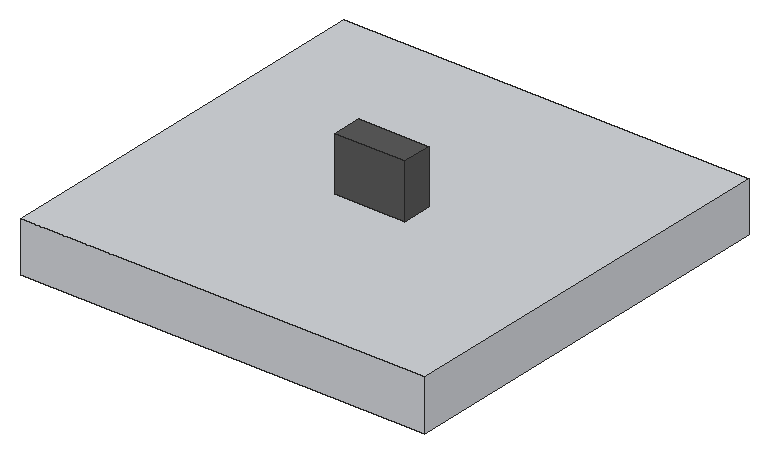
Revit family "2020.08.13", category Устройства связи, Revit 2018
Family settings
  Основа = Грань
  Сохранять ориентацию аннотаций = Да
  Размер круглого соединителя = Использовать диаметр
  Тип детали = Нормальный
  При загрузке вырезать с полостями = Нет
  Общий = Нет
  Точка расчета площади = Нет
Parameters (values of type "MINI TOWER")
  Указания по монтажу = "Для настольного размещения. Специальные монтажные аксессуары не требуются."
  Модель = ""
  Изображение типоразмера = Mini Tower.png
  Right = videomax_minitower : Right
  Mini_300 [instance] = and(MINI TOWER, LOD 300)  # yes
  Midi_300 [instance] = and(MIDI TOWER, LOD 300)  # no
  Material = Черный
  MINI TOWER = yes
  MIDI TOWER = no
  Left = videomax_minitower : Left
  LOD 500 [instance] = yes
  LOD 300 [instance] = yes
  Itx_300 [instance] = and(ITX, LOD 300)  # no
  ITX = no
  Стоимость = 0
  Default Elevation = 2600 mm
  Максимальное тепловыделение, BTU/h = Максимальная потребляемая мощность Вт * 3.412  # 0
  Максимальное количество подключаемых мониторов, шт = 1
  Максимальная потребляемая мощность Вт = 0
  Максимальная мощность БП, Вт = 0
  Количество интерфейсов Gigabit LAN, шт = 1
  Количество интерфейсов 10 Gigabit LAN, шт = 0
  Количество входов 230V, шт = 1
  Изготовитель = "ООО «Видеомакс»"  # constant formula
  Ширина = 180 mm
  Глубина = 425 mm
  Высота = 325 mm
  URL = "https://www.videomax-server.ru/"
  Front = videomax_minitower : Front
  Back = videomax_minitower : Back
  ADSK_Этаж [instance] = ""
  ADSK_Ток = 0 A
  ADSK_Примечание [instance] = ""
  ADSK_Позиция [instance] = ""
  ADSK_Обозначение = "MINI TOWER"
  ADSK_Номинальная мощность = 0 VA
  ADSK_Напряжение = 230 V
  ADSK_Наименование = "УРМ настольного исполнения MINI TOWER"
  ADSK_Масса = 0
  ADSK_Марка = "VIDEOMAX-URM"  # constant formula
  ADSK_Коэффициент мощности = 0.96
  ADSK_Количество = 1  # constant formula
  ADSK_Код изделия = "ТУ 26.20.15-003-37165186-2020"  # constant formula
  ADSK_Классификация нагрузок = none
  ADSK_Завод-изготовитель = "ООО «Видеомакс»"  # constant formula
  ADSK_Единица измерения = "шт."  # constant formula
  ADSK_Версия семейства = "v2"  # constant formula
  ADSK_Версия Revit = "2018"  # constant formula
Reference planes
  plane 1 "По центру (Вперед/Назад)": y = 0
  plane 2: z = 0
  plane 3 "По центру (Влево/Вправо)": x = 0.038
  plane 4: z = -1000
  plane 5: z = 0
  plane 6: y = 90
  plane 7: x = -212.462
  plane 8: y = -90
  plane 9: x = 212.538
Forms (mm)
  Extrusion 1, solid
    sketch origin (-0.8, 20.8, 0) x (1, 0, 0) y (0, 1, 0)
      loop
        line (-1219.2, 1219.2) -> (-1219.2, -1219.2) -> (1219.2, -1219.2) -> (1219.2, 1219.2) -> (-1219.2, 1219.2)
    from 0 to -304.8
  Extrusion 2, solid, material "Черный" <- "Material", detail levels medium+fine
    sketch origin (3.156, -115.112, 0) x (0, -1, 0) y (1, 0, 0)
      loop
        line (-205.112, -215.618) -> (-25.112, -215.618) -> (-25.112, 209.382) -> (-205.112, 209.382) -> (-205.112, -215.618)
    from 0 to 325
Lines and regions (mm)
  reference lines
    curve 1: line (-157.548, 133.557, 34.666) -> (-157.324, 133.557, 34.666)
  model lines, style "CommunicationDevices", detail levels coarse
    curve 2: line (-212.462, 90, 0) -> (212.538, 90, 0)
    curve 3: line (212.538, 90, 0) -> (212.538, -90, 0)
    curve 4: line (212.538, -90, 0) -> (-212.462, -90, 0)
    curve 5: line (-212.462, -90, 0) -> (-212.462, 90, 0)
  model lines, style "InvisibleLines", visible <- "MIDI TOWER", detail levels coarse
    curve 6: line (212.538, 90, 0) -> (212.538, 38.452, 0)
    curve 7: line (23.136, 90, 0) -> (23.136, -90, 0)
  model lines, style "InvisibleLines", visible <- "ITX", detail levels coarse
    curve 8: line (23.136, 79.952, 0) -> (23.136, -100.048, 0)
Dimensions and locks
  "Высота": Extrusion 2 to Extrusion 1
  "Ширина": plane 6 to plane 8
  equal spacing: plane 7, plane 3 "По центру (Влево/Вправо)", plane 9
  "Глубина": plane 7 to plane 9
  equal spacing: plane 8, plane 1 "По центру (Вперед/Назад)", plane 6
  aligned and locked: plane 2 to Extrusion 1
  aligned and locked: level to Extrusion 1
  aligned and locked: plane 6 to Extrusion 2
  aligned and locked: plane 8 to Extrusion 2
  aligned and locked: plane 9 to Extrusion 2
  aligned and locked: plane 1 "По центру (Вперед/Назад)" to nested 1
  aligned and locked: nested 2 to plane 1 "По центру (Вперед/Назад)"
  aligned and locked: nested 4 to plane 3 "По центру (Влево/Вправо)"
  aligned and locked: plane 3 "По центру (Влево/Вправо)" to nested 3
Automatic sketch dimensions
  Extrusion 1 sketch curve to Extrusion 1 sketch curve = 2438.4 mm  (x2)
  plane 7 to curve 1 = 54.914 mm
  curve 1 to plane 6 = 43.557 mm
  curve 1 to curve 1 = 0.225 mm
  plane 6 to Extrusion 2 sketch curve = 0 mm
  Extrusion 2 sketch curve to plane 8 = 0 mm
  Extrusion 2 sketch curve to plane 7 = 0 mm
  Extrusion 2 sketch curve to plane 9 = 0 mm
  curve 2 to curve 2 = 425 mm
  curve 4 to curve 5 = 180 mm
  curve 7 to curve 2 = 189.402 mm
  curve 6 to curve 2 = 51.548 mm
  curve 2 to plane 6 = 0 mm
  curve 4 to plane 7 = 0 mm
  curve 3 to plane 9 = 0 mm
  curve 4 to plane 8 = 0 mm
  curve 7 to plane 3 "По центру (Влево/Вправо)" = 23.098 mm
  curve 6 to plane 1 "По центру (Вперед/Назад)" = 38.452 mm
  curve 8 to curve 7 = 0 mm
  plane 6 to curve 8 = 10.048 mm
  curve 8 to curve 7 = 10.048 mm
Nested families
  nested 1: "videomax_minitower" at (-212.462, 0, 0) x (0, -1, 0) z (-1, 0, 0), LOD500 <- "LOD 500", a setting <- "Front", type "Front"
    with Right_500 no, Left_500 no, LOD500 yes, Front_500 yes, Back_500 no
  nested 2: "videomax_minitower" at (212.538, 0, 0) x (0, 1, 0) z (1, 0, 0), LOD500 <- "LOD 500", a setting <- "Back", type "Back"
    with Right_500 no, Left_500 no, LOD500 yes, Front_500 no, Back_500 yes
  nested 3: "videomax_minitower" at (0.038, 90, 0) x (-1, 0, 0) z (0, 1, 0), LOD500 <- "LOD 500", a setting <- "Left", type "Left"
    with Right_500 no, Left_500 yes, LOD500 yes, Front_500 no, Back_500 no
  nested 4: "videomax_minitower" at (0.038, -90, 0) x (1, 0, 0) z (0, -1, 0), LOD500 <- "LOD 500", a setting <- "Right", type ""
    with Right_500 yes, Left_500 no, LOD500 yes, Front_500 no, Back_500 no
Connectors
  electrical at (23.015, -10.332, 0), driven by "ADSK_Напряжение", driven by "ADSK_Коэффициент мощности"
    settings: on Extrusion 1, index 1, voltage 230 V, apparent load 0 VA, apparent load phase1 0 VA, apparent load phase2 0 VA, apparent load phase3 0 VA, power factor 0.96, load classification "Прочее", number of poles 1, system type 30, power factor state 0, is connector primary yes, connector utility yes, sub classification motor no, connector description ""
Definition of nested family "videomax_minitower"
  Parameters (values of type "Right")
    Default Elevation = 1219.2 mm
    Right_500 [instance] = and(Right, LOD500)  # no
    Right = yes
    Left_500 [instance] = and(Left, LOD500)  # no
    Left = no
    LOD500 [instance] = no
    Front_500 [instance] = and(Front, LOD500)  # no
    Front = no
    Back_500 [instance] = and(Back, LOD500)  # no
    Back = no
  Types (4, lengths in mm): name | Right | Left_500 | Left | LOD500 | Front_500 | Front | Back_500 | Back
    Front | no | no | no | yes | yes | yes | no | no
    Back | no | no | no | yes | no | no | yes | yes
    Left | no | yes | yes | yes | no | no | no | no
    Right | yes | no | no | no | no | no | no | no
  Reference planes
    plane 1 "По центру (Вперед/Назад)": y = 0
    plane 2: z = 0
    plane 3 "По центру (Влево/Вправо)": x = 0
    plane 4: y = 325
  Lines and regions (mm)
    model lines, visible <- "Left_500", detail levels fine
      curve 1: circle (-175.174, 65.385, 0) r 1.91 normal (0, 0, 1)
      curve 2: circle (-179.287, 61.989, 0) r 1.91 normal (0, 0, 1)
      curve 3: circle (-175.174, 58.245, 0) r 1.91 normal (0, 0, 1)
      curve 4: circle (-179.287, 54.849, 0) r 1.91 normal (0, 0, 1)
      curve 5: circle (-175.174, 51.426, 0) r 1.91 normal (0, 0, 1)
      curve 6: circle (-179.287, 48.03, 0) r 1.91 normal (0, 0, 1)
      curve 7: circle (-175.174, 44.287, 0) r 1.91 normal (0, 0, 1)
      curve 8: circle (-179.287, 40.891, 0) r 1.91 normal (0, 0, 1)
      curve 9: circle (-175.174, 37.467, 0) r 1.91 normal (0, 0, 1)
      curve 10: circle (-179.287, 34.316, 0) r 1.91 normal (0, 0, 1)
      curve 11: circle (-175.174, 30.572, 0) r 1.91 normal (0, 0, 1)
      curve 12: circle (-179.287, 27.176, 0) r 1.91 normal (0, 0, 1)
      curve 13: circle (-166.946, 65.291, 0) r 1.91 normal (0, 0, 1)
      curve 14: circle (-171.06, 61.895, 0) r 1.91 normal (0, 0, 1)
      curve 15: circle (-166.946, 58.151, 0) r 1.91 normal (0, 0, 1)
      curve 16: circle (-171.06, 54.755, 0) r 1.91 normal (0, 0, 1)
      curve 17: circle (-166.946, 51.332, 0) r 1.91 normal (0, 0, 1)
      curve 18: circle (-171.06, 47.936, 0) r 1.91 normal (0, 0, 1)
      curve 19: circle (-166.946, 44.192, 0) r 1.91 normal (0, 0, 1)
      curve 20: circle (-171.06, 40.796, 0) r 1.91 normal (0, 0, 1)
      curve 21: circle (-166.946, 37.373, 0) r 1.91 normal (0, 0, 1)
      curve 22: circle (-171.06, 34.221, 0) r 1.91 normal (0, 0, 1)
      curve 23: circle (-166.946, 30.478, 0) r 1.91 normal (0, 0, 1)
      curve 24: circle (-171.06, 27.082, 0) r 1.91 normal (0, 0, 1)
      curve 25: circle (-158.719, 65.479, 0) r 1.91 normal (0, 0, 1)
      curve 26: circle (-162.832, 62.083, 0) r 1.91 normal (0, 0, 1)
      curve 27: circle (-158.719, 58.34, 0) r 1.91 normal (0, 0, 1)
      curve 28: circle (-162.832, 54.944, 0) r 1.91 normal (0, 0, 1)
      curve 29: circle (-158.719, 51.521, 0) r 1.91 normal (0, 0, 1)
      curve 30: circle (-162.832, 48.125, 0) r 1.91 normal (0, 0, 1)
      curve 31: circle (-158.719, 44.381, 0) r 1.91 normal (0, 0, 1)
      curve 32: circle (-162.832, 40.985, 0) r 1.91 normal (0, 0, 1)
      curve 33: circle (-158.719, 37.562, 0) r 1.91 normal (0, 0, 1)
      curve 34: circle (-162.832, 34.41, 0) r 1.91 normal (0, 0, 1)
      curve 35: circle (-158.719, 30.666, 0) r 1.91 normal (0, 0, 1)
      curve 36: circle (-162.832, 27.271, 0) r 1.91 normal (0, 0, 1)
      curve 37: circle (-150.491, 65.243, 0) r 1.91 normal (0, 0, 1)
      curve 38: circle (-154.605, 61.848, 0) r 1.91 normal (0, 0, 1)
      curve 39: circle (-150.491, 58.104, 0) r 1.91 normal (0, 0, 1)
      curve 40: circle (-154.605, 54.708, 0) r 1.91 normal (0, 0, 1)
      curve 41: circle (-150.491, 51.285, 0) r 1.91 normal (0, 0, 1)
      curve 42: circle (-154.605, 47.889, 0) r 1.91 normal (0, 0, 1)
      curve 43: circle (-150.491, 44.145, 0) r 1.91 normal (0, 0, 1)
      curve 44: circle (-154.605, 40.749, 0) r 1.91 normal (0, 0, 1)
      curve 45: circle (-150.491, 37.326, 0) r 1.91 normal (0, 0, 1)
      curve 46: circle (-154.605, 34.174, 0) r 1.91 normal (0, 0, 1)
      curve 47: circle (-150.491, 30.43, 0) r 1.91 normal (0, 0, 1)
      curve 48: circle (-154.605, 27.035, 0) r 1.91 normal (0, 0, 1)
      curve 49: circle (-142.264, 65.385, 0) r 1.91 normal (0, 0, 1)
      curve 50: circle (-146.377, 61.989, 0) r 1.91 normal (0, 0, 1)
      curve 51: circle (-142.264, 58.245, 0) r 1.91 normal (0, 0, 1)
      curve 52: circle (-146.377, 54.849, 0) r 1.91 normal (0, 0, 1)
      curve 53: circle (-142.264, 51.426, 0) r 1.91 normal (0, 0, 1)
      curve 54: circle (-146.377, 48.03, 0) r 1.91 normal (0, 0, 1)
      curve 55: circle (-142.264, 44.287, 0) r 1.91 normal (0, 0, 1)
      curve 56: circle (-146.377, 40.891, 0) r 1.91 normal (0, 0, 1)
      curve 57: circle (-142.264, 37.467, 0) r 1.91 normal (0, 0, 1)
      curve 58: circle (-146.377, 34.316, 0) r 1.91 normal (0, 0, 1)
      curve 59: circle (-142.264, 30.572, 0) r 1.91 normal (0, 0, 1)
      curve 60: circle (-146.377, 27.176, 0) r 1.91 normal (0, 0, 1)
      curve 61: circle (-134.036, 65.291, 0) r 1.91 normal (0, 0, 1)
      curve 62: circle (-138.15, 61.895, 0) r 1.91 normal (0, 0, 1)
      curve 63: circle (-134.036, 58.151, 0) r 1.91 normal (0, 0, 1)
      curve 64: circle (-138.15, 54.755, 0) r 1.91 normal (0, 0, 1)
      curve 65: circle (-134.036, 51.332, 0) r 1.91 normal (0, 0, 1)
      curve 66: circle (-138.15, 47.936, 0) r 1.91 normal (0, 0, 1)
      curve 67: circle (-134.036, 44.192, 0) r 1.91 normal (0, 0, 1)
      curve 68: circle (-138.15, 40.796, 0) r 1.91 normal (0, 0, 1)
      curve 69: circle (-134.036, 37.373, 0) r 1.91 normal (0, 0, 1)
      curve 70: circle (-138.15, 34.221, 0) r 1.91 normal (0, 0, 1)
      curve 71: circle (-134.036, 30.478, 0) r 1.91 normal (0, 0, 1)
      curve 72: circle (-138.15, 27.082, 0) r 1.91 normal (0, 0, 1)
      curve 73: circle (-125.809, 65.479, 0) r 1.91 normal (0, 0, 1)
      curve 74: circle (-129.923, 62.083, 0) r 1.91 normal (0, 0, 1)
      curve 75: circle (-125.809, 58.34, 0) r 1.91 normal (0, 0, 1)
      curve 76: circle (-129.923, 54.944, 0) r 1.91 normal (0, 0, 1)
      curve 77: circle (-125.809, 51.52, 0) r 1.91 normal (0, 0, 1)
      curve 78: circle (-129.923, 48.125, 0) r 1.91 normal (0, 0, 1)
      curve 79: circle (-125.809, 44.381, 0) r 1.91 normal (0, 0, 1)
      curve 80: circle (-129.923, 40.985, 0) r 1.91 normal (0, 0, 1)
      curve 81: circle (-125.809, 37.562, 0) r 1.91 normal (0, 0, 1)
      curve 82: circle (-129.923, 34.41, 0) r 1.91 normal (0, 0, 1)
      curve 83: circle (-125.809, 30.666, 0) r 1.91 normal (0, 0, 1)
      curve 84: circle (-129.923, 27.27, 0) r 1.91 normal (0, 0, 1)
      curve 85: circle (-117.581, 65.385, 0) r 1.91 normal (0, 0, 1)
      curve 86: circle (-121.695, 61.989, 0) r 1.91 normal (0, 0, 1)
      curve 87: circle (-117.581, 58.245, 0) r 1.91 normal (0, 0, 1)
      curve 88: circle (-121.695, 54.849, 0) r 1.91 normal (0, 0, 1)
      curve 89: circle (-117.581, 51.426, 0) r 1.91 normal (0, 0, 1)
      curve 90: circle (-121.695, 48.03, 0) r 1.91 normal (0, 0, 1)
      curve 91: circle (-117.581, 44.287, 0) r 1.91 normal (0, 0, 1)
      curve 92: circle (-121.695, 40.891, 0) r 1.91 normal (0, 0, 1)
      curve 93: circle (-117.581, 37.467, 0) r 1.91 normal (0, 0, 1)
      curve 94: circle (-121.695, 34.316, 0) r 1.91 normal (0, 0, 1)
      curve 95: circle (-117.581, 30.572, 0) r 1.91 normal (0, 0, 1)
      curve 96: circle (-121.695, 27.176, 0) r 1.91 normal (0, 0, 1)
      curve 97: circle (-109.354, 65.574, 0) r 1.91 normal (0, 0, 1)
      curve 98: circle (-113.467, 62.178, 0) r 1.91 normal (0, 0, 1)
      curve 99: circle (-109.354, 58.434, 0) r 1.91 normal (0, 0, 1)
      curve 100: circle (-113.467, 55.038, 0) r 1.91 normal (0, 0, 1)
      curve 101: circle (-109.354, 51.615, 0) r 1.91 normal (0, 0, 1)
      curve 102: circle (-113.467, 48.219, 0) r 1.91 normal (0, 0, 1)
      curve 103: circle (-109.354, 44.475, 0) r 1.91 normal (0, 0, 1)
      curve 104: circle (-113.467, 41.079, 0) r 1.91 normal (0, 0, 1)
      curve 105: circle (-109.354, 37.656, 0) r 1.91 normal (0, 0, 1)
      curve 106: circle (-113.467, 34.504, 0) r 1.91 normal (0, 0, 1)
      curve 107: circle (-109.354, 30.761, 0) r 1.91 normal (0, 0, 1)
      curve 108: circle (-113.467, 27.365, 0) r 1.91 normal (0, 0, 1)
      curve 109: circle (-101.126, 65.338, 0) r 1.91 normal (0, 0, 1)
      curve 110: circle (-105.24, 61.942, 0) r 1.91 normal (0, 0, 1)
      curve 111: circle (-101.126, 58.198, 0) r 1.91 normal (0, 0, 1)
      curve 112: circle (-105.24, 54.802, 0) r 1.91 normal (0, 0, 1)
      curve 113: circle (-101.126, 51.379, 0) r 1.91 normal (0, 0, 1)
      curve 114: circle (-105.24, 47.983, 0) r 1.91 normal (0, 0, 1)
      curve 115: circle (-101.126, 44.239, 0) r 1.91 normal (0, 0, 1)
      curve 116: circle (-105.24, 40.844, 0) r 1.91 normal (0, 0, 1)
      curve 117: circle (-101.126, 37.42, 0) r 1.91 normal (0, 0, 1)
      curve 118: circle (-105.24, 34.269, 0) r 1.91 normal (0, 0, 1)
      curve 119: circle (-101.126, 30.525, 0) r 1.91 normal (0, 0, 1)
      curve 120: circle (-105.24, 27.129, 0) r 1.91 normal (0, 0, 1)
      curve 121: circle (-92.899, 65.479, 0) r 1.91 normal (0, 0, 1)
      curve 122: circle (-97.013, 62.083, 0) r 1.91 normal (0, 0, 1)
      curve 123: circle (-92.899, 58.34, 0) r 1.91 normal (0, 0, 1)
      curve 124: circle (-97.013, 54.944, 0) r 1.91 normal (0, 0, 1)
      curve 125: circle (-92.899, 51.52, 0) r 1.91 normal (0, 0, 1)
      curve 126: circle (-97.013, 48.125, 0) r 1.91 normal (0, 0, 1)
      curve 127: circle (-92.899, 44.381, 0) r 1.91 normal (0, 0, 1)
      curve 128: circle (-97.013, 40.985, 0) r 1.91 normal (0, 0, 1)
      curve 129: circle (-92.899, 37.562, 0) r 1.91 normal (0, 0, 1)
      curve 130: circle (-97.013, 34.41, 0) r 1.91 normal (0, 0, 1)
      curve 131: circle (-92.899, 30.666, 0) r 1.91 normal (0, 0, 1)
      curve 132: circle (-97.013, 27.27, 0) r 1.91 normal (0, 0, 1)
      curve 133: circle (-84.672, 65.385, 0) r 1.91 normal (0, 0, 1)
      curve 134: circle (-88.785, 61.989, 0) r 1.91 normal (0, 0, 1)
      curve 135: circle (-84.672, 58.245, 0) r 1.91 normal (0, 0, 1)
      curve 136: circle (-88.785, 54.849, 0) r 1.91 normal (0, 0, 1)
      curve 137: circle (-84.672, 51.426, 0) r 1.91 normal (0, 0, 1)
      curve 138: circle (-88.785, 48.03, 0) r 1.91 normal (0, 0, 1)
      curve 139: circle (-84.672, 44.287, 0) r 1.91 normal (0, 0, 1)
      curve 140: circle (-88.785, 40.891, 0) r 1.91 normal (0, 0, 1)
      curve 141: circle (-84.672, 37.467, 0) r 1.91 normal (0, 0, 1)
      curve 142: circle (-88.785, 34.316, 0) r 1.91 normal (0, 0, 1)
      curve 143: circle (-84.672, 30.572, 0) r 1.91 normal (0, 0, 1)
      curve 144: circle (-88.785, 27.176, 0) r 1.91 normal (0, 0, 1)
      curve 145: circle (-76.236, 65.432, 0) r 1.91 normal (0, 0, 1)
      curve 146: circle (-80.349, 62.036, 0) r 1.91 normal (0, 0, 1)
      curve 147: circle (-76.236, 58.292, 0) r 1.91 normal (0, 0, 1)
      curve 148: circle (-80.349, 54.897, 0) r 1.91 normal (0, 0, 1)
      curve 149: circle (-76.236, 51.473, 0) r 1.91 normal (0, 0, 1)
      curve 150: circle (-80.349, 48.078, 0) r 1.91 normal (0, 0, 1)
      curve 151: circle (-76.236, 44.334, 0) r 1.91 normal (0, 0, 1)
      curve 152: circle (-80.349, 40.938, 0) r 1.91 normal (0, 0, 1)
      curve 153: circle (-76.236, 37.515, 0) r 1.91 normal (0, 0, 1)
      curve 154: circle (-80.349, 34.363, 0) r 1.91 normal (0, 0, 1)
      curve 155: circle (-76.236, 30.619, 0) r 1.91 normal (0, 0, 1)
      curve 156: circle (-80.349, 27.223, 0) r 1.91 normal (0, 0, 1)
      curve 157: circle (-68.008, 65.338, 0) r 1.91 normal (0, 0, 1)
      curve 158: circle (-72.122, 61.942, 0) r 1.91 normal (0, 0, 1)
      curve 159: circle (-68.008, 58.198, 0) r 1.91 normal (0, 0, 1)
      curve 160: circle (-72.122, 54.802, 0) r 1.91 normal (0, 0, 1)
      curve 161: circle (-68.008, 51.379, 0) r 1.91 normal (0, 0, 1)
      curve 162: circle (-72.122, 47.983, 0) r 1.91 normal (0, 0, 1)
      curve 163: circle (-68.008, 44.239, 0) r 1.91 normal (0, 0, 1)
      curve 164: circle (-72.122, 40.844, 0) r 1.91 normal (0, 0, 1)
      curve 165: circle (-68.008, 37.42, 0) r 1.91 normal (0, 0, 1)
      curve 166: circle (-72.122, 34.269, 0) r 1.91 normal (0, 0, 1)
      curve 167: circle (-68.008, 30.525, 0) r 1.91 normal (0, 0, 1)
      curve 168: circle (-72.122, 27.129, 0) r 1.91 normal (0, 0, 1)
      curve 169: circle (-59.781, 65.526, 0) r 1.91 normal (0, 0, 1)
      curve 170: circle (-63.894, 62.131, 0) r 1.91 normal (0, 0, 1)
      curve 171: circle (-59.781, 58.387, 0) r 1.91 normal (0, 0, 1)
      curve 172: circle (-63.894, 54.991, 0) r 1.91 normal (0, 0, 1)
      curve 173: circle (-59.781, 51.568, 0) r 1.91 normal (0, 0, 1)
      curve 174: circle (-63.894, 48.172, 0) r 1.91 normal (0, 0, 1)
      curve 175: circle (-59.781, 44.428, 0) r 1.91 normal (0, 0, 1)
      curve 176: circle (-63.894, 41.032, 0) r 1.91 normal (0, 0, 1)
      curve 177: circle (-59.781, 37.609, 0) r 1.91 normal (0, 0, 1)
      curve 178: circle (-63.894, 34.457, 0) r 1.91 normal (0, 0, 1)
      curve 179: circle (-59.781, 30.714, 0) r 1.91 normal (0, 0, 1)
      curve 180: circle (-63.894, 27.318, 0) r 1.91 normal (0, 0, 1)
      curve 181: circle (-51.553, 65.291, 0) r 1.91 normal (0, 0, 1)
      curve 182: circle (-55.667, 61.895, 0) r 1.91 normal (0, 0, 1)
      curve 183: circle (-51.553, 58.151, 0) r 1.91 normal (0, 0, 1)
      curve 184: circle (-55.667, 54.755, 0) r 1.91 normal (0, 0, 1)
      curve 185: circle (-51.553, 51.332, 0) r 1.91 normal (0, 0, 1)
      curve 186: circle (-55.667, 47.936, 0) r 1.91 normal (0, 0, 1)
      curve 187: circle (-51.553, 44.192, 0) r 1.91 normal (0, 0, 1)
      curve 188: circle (-55.667, 40.796, 0) r 1.91 normal (0, 0, 1)
      curve 189: circle (-51.553, 37.373, 0) r 1.91 normal (0, 0, 1)
      curve 190: circle (-55.667, 34.221, 0) r 1.91 normal (0, 0, 1)
      curve 191: circle (-51.553, 30.478, 0) r 1.91 normal (0, 0, 1)
      curve 192: circle (-55.667, 27.082, 0) r 1.91 normal (0, 0, 1)
      curve 193: circle (-43.326, 65.432, 0) r 1.91 normal (0, 0, 1)
      curve 194: circle (-47.439, 62.036, 0) r 1.91 normal (0, 0, 1)
      curve 195: circle (-43.326, 58.292, 0) r 1.91 normal (0, 0, 1)
      curve 196: circle (-47.439, 54.897, 0) r 1.91 normal (0, 0, 1)
      curve 197: circle (-43.326, 51.473, 0) r 1.91 normal (0, 0, 1)
      curve 198: circle (-47.439, 48.078, 0) r 1.91 normal (0, 0, 1)
      curve 199: circle (-43.326, 44.334, 0) r 1.91 normal (0, 0, 1)
      curve 200: circle (-47.439, 40.938, 0) r 1.91 normal (0, 0, 1)
      curve 201: circle (-43.326, 37.515, 0) r 1.91 normal (0, 0, 1)
      curve 202: circle (-47.439, 34.363, 0) r 1.91 normal (0, 0, 1)
      curve 203: circle (-43.326, 30.619, 0) r 1.91 normal (0, 0, 1)
      curve 204: circle (-47.439, 27.223, 0) r 1.91 normal (0, 0, 1)
      curve 205: circle (-35.098, 65.338, 0) r 1.91 normal (0, 0, 1)
      curve 206: circle (-39.212, 61.942, 0) r 1.91 normal (0, 0, 1)
      curve 207: circle (-35.098, 58.198, 0) r 1.91 normal (0, 0, 1)
      curve 208: circle (-39.212, 54.802, 0) r 1.91 normal (0, 0, 1)
      curve 209: circle (-35.098, 51.379, 0) r 1.91 normal (0, 0, 1)
      curve 210: circle (-39.212, 47.983, 0) r 1.91 normal (0, 0, 1)
      curve 211: circle (-35.098, 44.239, 0) r 1.91 normal (0, 0, 1)
      curve 212: circle (-39.212, 40.844, 0) r 1.91 normal (0, 0, 1)
      curve 213: circle (-35.098, 37.42, 0) r 1.91 normal (0, 0, 1)
      curve 214: circle (-39.212, 34.269, 0) r 1.91 normal (0, 0, 1)
      curve 215: circle (-35.098, 30.525, 0) r 1.91 normal (0, 0, 1)
      curve 216: circle (-39.212, 27.129, 0) r 1.91 normal (0, 0, 1)
      curve 217: circle (-26.917, 65.385, 0) r 1.91 normal (0, 0, 1)
      curve 218: circle (-31.031, 61.989, 0) r 1.91 normal (0, 0, 1)
      curve 219: circle (-26.917, 58.245, 0) r 1.91 normal (0, 0, 1)
      curve 220: circle (-31.031, 54.849, 0) r 1.91 normal (0, 0, 1)
      curve 221: circle (-26.917, 51.426, 0) r 1.91 normal (0, 0, 1)
      curve 222: circle (-31.031, 48.03, 0) r 1.91 normal (0, 0, 1)
      curve 223: circle (-26.917, 44.287, 0) r 1.91 normal (0, 0, 1)
      curve 224: circle (-31.031, 40.891, 0) r 1.91 normal (0, 0, 1)
      curve 225: circle (-26.917, 37.467, 0) r 1.91 normal (0, 0, 1)
      curve 226: circle (-31.031, 34.316, 0) r 1.91 normal (0, 0, 1)
      curve 227: circle (-26.917, 30.572, 0) r 1.91 normal (0, 0, 1)
      curve 228: circle (-31.031, 27.176, 0) r 1.91 normal (0, 0, 1)
      curve 229: circle (-18.69, 65.291, 0) r 1.91 normal (0, 0, 1)
      curve 230: circle (-22.804, 61.895, 0) r 1.91 normal (0, 0, 1)
      curve 231: circle (-18.69, 58.151, 0) r 1.91 normal (0, 0, 1)
      curve 232: circle (-22.804, 54.755, 0) r 1.91 normal (0, 0, 1)
      curve 233: circle (-18.69, 51.332, 0) r 1.91 normal (0, 0, 1)
      curve 234: circle (-22.804, 47.936, 0) r 1.91 normal (0, 0, 1)
      curve 235: circle (-18.69, 44.192, 0) r 1.91 normal (0, 0, 1)
      curve 236: circle (-22.804, 40.796, 0) r 1.91 normal (0, 0, 1)
      curve 237: circle (-18.69, 37.373, 0) r 1.91 normal (0, 0, 1)
      curve 238: circle (-22.804, 34.221, 0) r 1.91 normal (0, 0, 1)
      curve 239: circle (-18.69, 30.478, 0) r 1.91 normal (0, 0, 1)
      curve 240: circle (-22.804, 27.082, 0) r 1.91 normal (0, 0, 1)
      curve 241: circle (-10.462, 65.479, 0) r 1.91 normal (0, 0, 1)
      curve 242: circle (-14.576, 62.083, 0) r 1.91 normal (0, 0, 1)
      curve 243: circle (-10.462, 58.34, 0) r 1.91 normal (0, 0, 1)
      curve 244: circle (-14.576, 54.944, 0) r 1.91 normal (0, 0, 1)
      curve 245: circle (-10.462, 51.521, 0) r 1.91 normal (0, 0, 1)
      curve 246: circle (-14.576, 48.125, 0) r 1.91 normal (0, 0, 1)
      curve 247: circle (-10.462, 44.381, 0) r 1.91 normal (0, 0, 1)
      curve 248: circle (-14.576, 40.985, 0) r 1.91 normal (0, 0, 1)
      curve 249: circle (-10.462, 37.562, 0) r 1.91 normal (0, 0, 1)
      curve 250: circle (-14.576, 34.41, 0) r 1.91 normal (0, 0, 1)
      curve 251: circle (-10.462, 30.666, 0) r 1.91 normal (0, 0, 1)
      curve 252: circle (-14.576, 27.271, 0) r 1.91 normal (0, 0, 1)
      curve 253: circle (-2.235, 65.243, 0) r 1.91 normal (0, 0, 1)
      curve 254: circle (-6.349, 61.848, 0) r 1.91 normal (0, 0, 1)
      curve 255: circle (-2.235, 58.104, 0) r 1.91 normal (0, 0, 1)
      curve 256: circle (-6.349, 54.708, 0) r 1.91 normal (0, 0, 1)
      curve 257: circle (-2.235, 51.285, 0) r 1.91 normal (0, 0, 1)
      curve 258: circle (-6.349, 47.889, 0) r 1.91 normal (0, 0, 1)
      curve 259: circle (-2.235, 44.145, 0) r 1.91 normal (0, 0, 1)
      curve 260: circle (-6.349, 40.749, 0) r 1.91 normal (0, 0, 1)
      curve 261: circle (-2.235, 37.326, 0) r 1.91 normal (0, 0, 1)
      curve 262: circle (-6.349, 34.174, 0) r 1.91 normal (0, 0, 1)
      curve 263: circle (-2.235, 30.43, 0) r 1.91 normal (0, 0, 1)
      curve 264: circle (-6.349, 27.035, 0) r 1.91 normal (0, 0, 1)
      curve 265: circle (5.992, 65.385, 0) r 1.91 normal (0, 0, 1)
      curve 266: circle (1.879, 61.989, 0) r 1.91 normal (0, 0, 1)
      curve 267: circle (5.992, 58.245, 0) r 1.91 normal (0, 0, 1)
      curve 268: circle (1.879, 54.849, 0) r 1.91 normal (0, 0, 1)
      curve 269: circle (5.992, 51.426, 0) r 1.91 normal (0, 0, 1)
      curve 270: circle (1.879, 48.03, 0) r 1.91 normal (0, 0, 1)
      curve 271: circle (5.992, 44.287, 0) r 1.91 normal (0, 0, 1)
      curve 272: circle (1.879, 40.891, 0) r 1.91 normal (0, 0, 1)
      curve 273: circle (5.992, 37.467, 0) r 1.91 normal (0, 0, 1)
      curve 274: circle (1.879, 34.316, 0) r 1.91 normal (0, 0, 1)
      curve 275: circle (5.992, 30.572, 0) r 1.91 normal (0, 0, 1)
      curve 276: circle (1.879, 27.176, 0) r 1.91 normal (0, 0, 1)
      curve 277: circle (14.22, 65.291, 0) r 1.91 normal (0, 0, 1)
      curve 278: circle (10.106, 61.895, 0) r 1.91 normal (0, 0, 1)
      curve 279: circle (14.22, 58.151, 0) r 1.91 normal (0, 0, 1)
      curve 280: circle (10.106, 54.755, 0) r 1.91 normal (0, 0, 1)
      curve 281: circle (14.22, 51.332, 0) r 1.91 normal (0, 0, 1)
      curve 282: circle (10.106, 47.936, 0) r 1.91 normal (0, 0, 1)
      curve 283: circle (14.22, 44.192, 0) r 1.91 normal (0, 0, 1)
      curve 284: circle (10.106, 40.796, 0) r 1.91 normal (0, 0, 1)
      curve 285: circle (14.22, 37.373, 0) r 1.91 normal (0, 0, 1)
      curve 286: circle (10.106, 34.221, 0) r 1.91 normal (0, 0, 1)
      curve 287: circle (14.22, 30.478, 0) r 1.91 normal (0, 0, 1)
      curve 288: circle (10.106, 27.082, 0) r 1.91 normal (0, 0, 1)
      curve 289: circle (22.447, 65.479, 0) r 1.91 normal (0, 0, 1)
      curve 290: circle (18.334, 62.083, 0) r 1.91 normal (0, 0, 1)
      curve 291: circle (22.447, 58.34, 0) r 1.91 normal (0, 0, 1)
      curve 292: circle (18.334, 54.944, 0) r 1.91 normal (0, 0, 1)
      curve 293: circle (22.447, 51.52, 0) r 1.91 normal (0, 0, 1)
      curve 294: circle (18.334, 48.125, 0) r 1.91 normal (0, 0, 1)
      curve 295: circle (22.447, 44.381, 0) r 1.91 normal (0, 0, 1)
      curve 296: circle (18.334, 40.985, 0) r 1.91 normal (0, 0, 1)
      curve 297: circle (22.447, 37.562, 0) r 1.91 normal (0, 0, 1)
      curve 298: circle (18.334, 34.41, 0) r 1.91 normal (0, 0, 1)
      curve 299: circle (22.447, 30.666, 0) r 1.91 normal (0, 0, 1)
      curve 300: circle (18.334, 27.27, 0) r 1.91 normal (0, 0, 1)
      curve 301: circle (30.675, 65.385, 0) r 1.91 normal (0, 0, 1)
      curve 302: circle (26.561, 61.989, 0) r 1.91 normal (0, 0, 1)
      curve 303: circle (30.675, 58.245, 0) r 1.91 normal (0, 0, 1)
      curve 304: circle (26.561, 54.849, 0) r 1.91 normal (0, 0, 1)
      curve 305: circle (30.675, 51.426, 0) r 1.91 normal (0, 0, 1)
      curve 306: circle (26.561, 48.03, 0) r 1.91 normal (0, 0, 1)
      curve 307: circle (30.675, 44.287, 0) r 1.91 normal (0, 0, 1)
      curve 308: circle (26.561, 40.891, 0) r 1.91 normal (0, 0, 1)
      curve 309: circle (30.675, 37.467, 0) r 1.91 normal (0, 0, 1)
      curve 310: circle (26.561, 34.316, 0) r 1.91 normal (0, 0, 1)
      curve 311: circle (30.675, 30.572, 0) r 1.91 normal (0, 0, 1)
      curve 312: circle (26.561, 27.176, 0) r 1.91 normal (0, 0, 1)
      curve 313: circle (38.902, 65.574, 0) r 1.91 normal (0, 0, 1)
      curve 314: circle (34.789, 62.178, 0) r 1.91 normal (0, 0, 1)
      curve 315: circle (38.902, 58.434, 0) r 1.91 normal (0, 0, 1)
      curve 316: circle (34.789, 55.038, 0) r 1.91 normal (0, 0, 1)
      curve 317: circle (38.902, 51.615, 0) r 1.91 normal (0, 0, 1)
      curve 318: circle (34.789, 48.219, 0) r 1.91 normal (0, 0, 1)
      curve 319: circle (38.902, 44.475, 0) r 1.91 normal (0, 0, 1)
      curve 320: circle (34.789, 41.079, 0) r 1.91 normal (0, 0, 1)
      curve 321: circle (38.902, 37.656, 0) r 1.91 normal (0, 0, 1)
      curve 322: circle (34.789, 34.504, 0) r 1.91 normal (0, 0, 1)
      curve 323: circle (38.902, 30.761, 0) r 1.91 normal (0, 0, 1)
      curve 324: circle (34.789, 27.365, 0) r 1.91 normal (0, 0, 1)
      curve 325: circle (47.13, 65.338, 0) r 1.91 normal (0, 0, 1)
      curve 326: circle (43.016, 61.942, 0) r 1.91 normal (0, 0, 1)
      curve 327: circle (47.13, 58.198, 0) r 1.91 normal (0, 0, 1)
      curve 328: circle (43.016, 54.802, 0) r 1.91 normal (0, 0, 1)
      curve 329: circle (47.13, 51.379, 0) r 1.91 normal (0, 0, 1)
      curve 330: circle (43.016, 47.983, 0) r 1.91 normal (0, 0, 1)
      curve 331: circle (47.13, 44.239, 0) r 1.91 normal (0, 0, 1)
      curve 332: circle (43.016, 40.844, 0) r 1.91 normal (0, 0, 1)
      curve 333: circle (47.13, 37.42, 0) r 1.91 normal (0, 0, 1)
      curve 334: circle (43.016, 34.269, 0) r 1.91 normal (0, 0, 1)
      curve 335: circle (47.13, 30.525, 0) r 1.91 normal (0, 0, 1)
      curve 336: circle (43.016, 27.129, 0) r 1.91 normal (0, 0, 1)
      curve 337: circle (55.357, 65.479, 0) r 1.91 normal (0, 0, 1)
      curve 338: circle (51.244, 62.083, 0) r 1.91 normal (0, 0, 1)
      curve 339: circle (55.357, 58.34, 0) r 1.91 normal (0, 0, 1)
      curve 340: circle (51.244, 54.944, 0) r 1.91 normal (0, 0, 1)
      curve 341: circle (55.357, 51.52, 0) r 1.91 normal (0, 0, 1)
      curve 342: circle (51.244, 48.125, 0) r 1.91 normal (0, 0, 1)
      curve 343: circle (55.357, 44.381, 0) r 1.91 normal (0, 0, 1)
      curve 344: circle (51.244, 40.985, 0) r 1.91 normal (0, 0, 1)
      curve 345: circle (55.357, 37.562, 0) r 1.91 normal (0, 0, 1)
      curve 346: circle (51.244, 34.41, 0) r 1.91 normal (0, 0, 1)
      curve 347: circle (55.357, 30.666, 0) r 1.91 normal (0, 0, 1)
      curve 348: circle (51.244, 27.27, 0) r 1.91 normal (0, 0, 1)
      curve 349: circle (63.585, 65.385, 0) r 1.91 normal (0, 0, 1)
      curve 350: circle (59.471, 61.989, 0) r 1.91 normal (0, 0, 1)
      curve 351: circle (63.585, 58.245, 0) r 1.91 normal (0, 0, 1)
      curve 352: circle (59.471, 54.849, 0) r 1.91 normal (0, 0, 1)
      curve 353: circle (63.585, 51.426, 0) r 1.91 normal (0, 0, 1)
      curve 354: circle (59.471, 48.03, 0) r 1.91 normal (0, 0, 1)
      curve 355: circle (63.585, 44.287, 0) r 1.91 normal (0, 0, 1)
      curve 356: circle (59.471, 40.891, 0) r 1.91 normal (0, 0, 1)
      curve 357: circle (63.585, 37.467, 0) r 1.91 normal (0, 0, 1)
      curve 358: circle (59.471, 34.316, 0) r 1.91 normal (0, 0, 1)
      curve 359: circle (63.585, 30.572, 0) r 1.91 normal (0, 0, 1)
      curve 360: circle (59.471, 27.176, 0) r 1.91 normal (0, 0, 1)
      curve 361: circle (72.02, 65.432, 0) r 1.91 normal (0, 0, 1)
      curve 362: circle (67.907, 62.036, 0) r 1.91 normal (0, 0, 1)
      curve 363: circle (72.02, 58.292, 0) r 1.91 normal (0, 0, 1)
      curve 364: circle (67.907, 54.897, 0) r 1.91 normal (0, 0, 1)
      curve 365: circle (72.02, 51.473, 0) r 1.91 normal (0, 0, 1)
      curve 366: circle (67.907, 48.078, 0) r 1.91 normal (0, 0, 1)
      curve 367: circle (72.02, 44.334, 0) r 1.91 normal (0, 0, 1)
      curve 368: circle (67.907, 40.938, 0) r 1.91 normal (0, 0, 1)
      curve 369: circle (72.02, 37.515, 0) r 1.91 normal (0, 0, 1)
      curve 370: circle (67.907, 34.363, 0) r 1.91 normal (0, 0, 1)
      curve 371: circle (72.02, 30.619, 0) r 1.91 normal (0, 0, 1)
      curve 372: circle (67.907, 27.223, 0) r 1.91 normal (0, 0, 1)
      curve 373: circle (80.248, 65.338, 0) r 1.91 normal (0, 0, 1)
      curve 374: circle (76.134, 61.942, 0) r 1.91 normal (0, 0, 1)
      curve 375: circle (80.248, 58.198, 0) r 1.91 normal (0, 0, 1)
      curve 376: circle (76.134, 54.802, 0) r 1.91 normal (0, 0, 1)
      curve 377: circle (80.248, 51.379, 0) r 1.91 normal (0, 0, 1)
      curve 378: circle (76.134, 47.983, 0) r 1.91 normal (0, 0, 1)
      curve 379: circle (80.248, 44.239, 0) r 1.91 normal (0, 0, 1)
      curve 380: circle (76.134, 40.844, 0) r 1.91 normal (0, 0, 1)
      curve 381: circle (80.248, 37.42, 0) r 1.91 normal (0, 0, 1)
      curve 382: circle (76.134, 34.269, 0) r 1.91 normal (0, 0, 1)
      curve 383: circle (80.248, 30.525, 0) r 1.91 normal (0, 0, 1)
      curve 384: circle (76.134, 27.129, 0) r 1.91 normal (0, 0, 1)
      curve 385: circle (88.476, 65.526, 0) r 1.91 normal (0, 0, 1)
      curve 386: circle (84.362, 62.131, 0) r 1.91 normal (0, 0, 1)
      curve 387: circle (88.476, 58.387, 0) r 1.91 normal (0, 0, 1)
      curve 388: circle (84.362, 54.991, 0) r 1.91 normal (0, 0, 1)
      curve 389: circle (88.476, 51.568, 0) r 1.91 normal (0, 0, 1)
      curve 390: circle (84.362, 48.172, 0) r 1.91 normal (0, 0, 1)
      curve 391: circle (88.476, 44.428, 0) r 1.91 normal (0, 0, 1)
      curve 392: circle (84.362, 41.032, 0) r 1.91 normal (0, 0, 1)
      curve 393: circle (88.476, 37.609, 0) r 1.91 normal (0, 0, 1)
      curve 394: circle (84.362, 34.457, 0) r 1.91 normal (0, 0, 1)
      curve 395: circle (88.476, 30.714, 0) r 1.91 normal (0, 0, 1)
      curve 396: circle (84.362, 27.318, 0) r 1.91 normal (0, 0, 1)
      curve 397: circle (96.703, 65.291, 0) r 1.91 normal (0, 0, 1)
      curve 398: circle (92.589, 61.895, 0) r 1.91 normal (0, 0, 1)
      curve 399: circle (96.703, 58.151, 0) r 1.91 normal (0, 0, 1)
      curve 400: circle (92.589, 54.755, 0) r 1.91 normal (0, 0, 1)
      curve 401: circle (96.703, 51.332, 0) r 1.91 normal (0, 0, 1)
      curve 402: circle (92.589, 47.936, 0) r 1.91 normal (0, 0, 1)
      curve 403: circle (96.703, 44.192, 0) r 1.91 normal (0, 0, 1)
      curve 404: circle (92.589, 40.796, 0) r 1.91 normal (0, 0, 1)
      curve 405: circle (96.703, 37.373, 0) r 1.91 normal (0, 0, 1)
      curve 406: circle (92.589, 34.221, 0) r 1.91 normal (0, 0, 1)
      curve 407: circle (96.703, 30.478, 0) r 1.91 normal (0, 0, 1)
      curve 408: circle (92.589, 27.082, 0) r 1.91 normal (0, 0, 1)
      curve 409: circle (104.93, 65.432, 0) r 1.91 normal (0, 0, 1)
      curve 410: circle (100.817, 62.036, 0) r 1.91 normal (0, 0, 1)
      curve 411: circle (104.93, 58.292, 0) r 1.91 normal (0, 0, 1)
      curve 412: circle (100.817, 54.897, 0) r 1.91 normal (0, 0, 1)
      curve 413: circle (104.93, 51.473, 0) r 1.91 normal (0, 0, 1)
      curve 414: circle (100.817, 48.078, 0) r 1.91 normal (0, 0, 1)
      curve 415: circle (104.93, 44.334, 0) r 1.91 normal (0, 0, 1)
      curve 416: circle (100.817, 40.938, 0) r 1.91 normal (0, 0, 1)
      curve 417: circle (104.93, 37.515, 0) r 1.91 normal (0, 0, 1)
      curve 418: circle (100.817, 34.363, 0) r 1.91 normal (0, 0, 1)
      curve 419: circle (104.93, 30.619, 0) r 1.91 normal (0, 0, 1)
      curve 420: circle (100.817, 27.223, 0) r 1.91 normal (0, 0, 1)
      curve 421: circle (113.158, 65.338, 0) r 1.91 normal (0, 0, 1)
      curve 422: circle (109.044, 61.942, 0) r 1.91 normal (0, 0, 1)
      curve 423: circle (113.158, 58.198, 0) r 1.91 normal (0, 0, 1)
      curve 424: circle (109.044, 54.802, 0) r 1.91 normal (0, 0, 1)
      curve 425: circle (113.158, 51.379, 0) r 1.91 normal (0, 0, 1)
      curve 426: circle (109.044, 47.983, 0) r 1.91 normal (0, 0, 1)
      curve 427: circle (113.158, 44.239, 0) r 1.91 normal (0, 0, 1)
      curve 428: circle (109.044, 40.844, 0) r 1.91 normal (0, 0, 1)
      curve 429: circle (113.158, 37.42, 0) r 1.91 normal (0, 0, 1)
      curve 430: circle (109.044, 34.269, 0) r 1.91 normal (0, 0, 1)
      curve 431: circle (113.158, 30.525, 0) r 1.91 normal (0, 0, 1)
      curve 432: circle (109.044, 27.129, 0) r 1.91 normal (0, 0, 1)
      curve 433: circle (-143.313, 209.758, 0) r 4.572 normal (0, 0, 1)
      curve 434: circle (-35.578, 209.758, 0) r 4.572 normal (0, 0, 1)
      curve 435: circle (-35.578, 102.042, 0) r 4.572 normal (0, 0, 1)
      curve 436: circle (-143.313, 102.252, 0) r 4.572 normal (0, 0, 1)
      curve 437: arc (-128.952, 192.533, 0) -> (-143.318, 155.913, 0) -> (-128.952, 119.292, 0) r 53.857
      curve 438: arc (-122.982, 125.263, 0) -> (-134.879, 155.913, 0) -> (-122.982, 186.562, 0) r 45.427
      curve 439: arc (-111.273, 174.853, 0) -> (-116.521, 166.022, 0) -> (-118.347, 155.913, 0) r 28.894
      curve 440: arc (-118.347, 155.913, 0) -> (-116.521, 145.803, 0) -> (-111.273, 136.972, 0) r 28.894
      curve 441: arc (-106.685, 141.56, 0) -> (-110.541, 148.281, 0) -> (-111.879, 155.913, 0) r 22.427
      curve 442: arc (-111.879, 155.913, 0) -> (-110.541, 163.545, 0) -> (-106.685, 170.265, 0) r 22.427
      curve 443: arc (-119.896, 183.476, 0) -> (-127.772, 170.683, 0) -> (-130.52, 155.913, 0) r 41.067
      curve 444: arc (-130.52, 155.913, 0) -> (-127.772, 141.143, 0) -> (-119.896, 128.349, 0) r 41.067
      curve 445: arc (-113.92, 134.325, 0) -> (-119.973, 144.373, 0) -> (-122.081, 155.913, 0) r 32.629
      curve 446: arc (-122.081, 155.913, 0) -> (-119.973, 167.452, 0) -> (-113.919, 177.5, 0) r 32.629
      curve 447: arc (-49.953, 192.533, 0) -> (-35.587, 155.913, 0) -> (-49.952, 119.292, 0) r 53.857
      curve 448: arc (-55.923, 125.263, 0) -> (-44.026, 155.913, 0) -> (-55.923, 186.562, 0) r 45.427
      curve 449: arc (-67.632, 174.853, 0) -> (-62.384, 166.022, 0) -> (-60.558, 155.913, 0) r 28.894
      curve 450: arc (-60.558, 155.913, 0) -> (-62.384, 145.803, 0) -> (-67.632, 136.972, 0) r 28.894
      curve 451: arc (-72.22, 141.56, 0) -> (-68.364, 148.281, 0) -> (-67.026, 155.913, 0) r 22.427
      curve 452: arc (-67.026, 155.913, 0) -> (-68.364, 163.545, 0) -> (-72.22, 170.265, 0) r 22.427
      curve 453: arc (-59.009, 183.476, 0) -> (-51.133, 170.683, 0) -> (-48.385, 155.913, 0) r 41.067
      curve 454: arc (-48.385, 155.913, 0) -> (-51.133, 141.143, 0) -> (-59.009, 128.349, 0) r 41.067
      curve 455: arc (-64.985, 134.325, 0) -> (-58.932, 144.373, 0) -> (-56.824, 155.913, 0) r 32.629
      curve 456: arc (-56.824, 155.913, 0) -> (-58.932, 167.452, 0) -> (-64.986, 177.5, 0) r 32.629
      curve 457: arc (-52.832, 116.413, 0) -> (-89.452, 102.047, 0) -> (-126.073, 116.413, 0) r 53.857
      curve 458: arc (-120.102, 122.383, 0) -> (-89.452, 110.486, 0) -> (-58.803, 122.383, 0) r 45.427
      curve 459: arc (-70.512, 134.092, 0) -> (-79.343, 128.844, 0) -> (-89.452, 127.018, 0) r 28.894
      curve 460: arc (-89.452, 127.018, 0) -> (-99.562, 128.844, 0) -> (-108.393, 134.092, 0) r 28.894
      curve 461: arc (-103.805, 138.68, 0) -> (-97.084, 134.824, 0) -> (-89.452, 133.486, 0) r 22.427
      curve 462: arc (-89.452, 133.486, 0) -> (-81.82, 134.824, 0) -> (-75.1, 138.68, 0) r 22.427
      curve 463: arc (-61.889, 125.469, 0) -> (-74.682, 117.593, 0) -> (-89.452, 114.845, 0) r 41.067
      curve 464: arc (-89.452, 114.845, 0) -> (-104.222, 117.593, 0) -> (-117.016, 125.469, 0) r 41.067
      curve 465: arc (-111.04, 131.445, 0) -> (-100.992, 125.392, 0) -> (-89.452, 123.284, 0) r 32.629
      curve 466: arc (-89.452, 123.284, 0) -> (-77.913, 125.392, 0) -> (-67.865, 131.446, 0) r 32.629
      curve 467: arc (-52.832, 195.412, 0) -> (-89.452, 209.778, 0) -> (-126.073, 195.413, 0) r 53.857
      curve 468: arc (-120.102, 189.442, 0) -> (-89.452, 201.339, 0) -> (-58.803, 189.442, 0) r 45.427
      curve 469: arc (-70.512, 177.733, 0) -> (-79.343, 182.981, 0) -> (-89.452, 184.807, 0) r 28.894
      curve 470: arc (-89.452, 184.807, 0) -> (-99.562, 182.981, 0) -> (-108.393, 177.733, 0) r 28.894
      curve 471: arc (-103.805, 173.145, 0) -> (-97.084, 177.001, 0) -> (-89.452, 178.339, 0) r 22.427
      curve 472: arc (-89.452, 178.339, 0) -> (-81.82, 177.001, 0) -> (-75.1, 173.145, 0) r 22.427
      curve 473: arc (-61.889, 186.356, 0) -> (-74.682, 194.232, 0) -> (-89.452, 196.98, 0) r 41.067
      curve 474: arc (-89.452, 196.98, 0) -> (-104.222, 194.232, 0) -> (-117.016, 186.356, 0) r 41.067
      curve 475: arc (-111.04, 180.38, 0) -> (-100.992, 186.433, 0) -> (-89.452, 188.541, 0) r 32.629
      curve 476: arc (-89.452, 188.541, 0) -> (-77.913, 186.433, 0) -> (-67.865, 180.379, 0) r 32.629
      curve 716: line (178.484, 325, 0) -> (-212.499, 325, 0)
      curve 717: line (-212.499, 325, 0) -> (212.499, 325, 0)
      curve 718: line (212.499, 325, 0) -> (212.499, 0, 0)
      curve 719: line (212.499, 0, 0) -> (-212.499, 0, 0)
      curve 720: line (-212.499, 0, 0) -> (-212.499, 325, 0)
      curve 721: line (-212.499, 316.704, 0) -> (178.484, 316.704, 0)
      curve 722: line (212.501, 316.85, 0) -> (212.501, 0, 0)
      curve 723: line (212.501, 0, 0) -> (178.484, 0, 0)
      curve 724: line (178.484, 0, 0) -> (178.484, 325, 0)
      curve 725: line (-149.249, 95.911, 0) -> (-29.25, 95.911, 0)
      curve 726: line (-29.25, 95.911, 0) -> (-29.25, 215.911, 0)
      curve 727: line (-29.25, 215.911, 0) -> (-149.249, 215.911, 0)
      curve 728: line (-149.249, 215.911, 0) -> (-149.249, 95.911, 0)
      curve 729: line (-122.982, 186.562, 0) -> (-128.952, 192.533, 0)
      curve 730: line (-128.952, 119.292, 0) -> (-122.982, 125.263, 0)
      curve 731: line (-106.685, 170.265, 0) -> (-111.273, 174.853, 0)
      curve 732: line (-111.273, 136.972, 0) -> (-106.685, 141.56, 0)
      curve 733: line (-113.919, 177.5, 0) -> (-119.896, 183.476, 0)
      curve 734: line (-119.896, 128.349, 0) -> (-113.92, 134.325, 0)
      curve 735: line (-55.923, 186.562, 0) -> (-49.953, 192.533, 0)
      curve 736: line (-49.952, 119.292, 0) -> (-55.923, 125.263, 0)
      curve 737: line (-72.22, 170.265, 0) -> (-67.632, 174.853, 0)
      curve 738: line (-67.632, 136.972, 0) -> (-72.22, 141.56, 0)
      curve 739: line (-64.986, 177.5, 0) -> (-59.009, 183.476, 0)
      curve 740: line (-59.009, 128.349, 0) -> (-64.985, 134.325, 0)
      curve 741: line (-58.803, 122.383, 0) -> (-52.832, 116.413, 0)
      curve 742: line (-126.073, 116.413, 0) -> (-120.102, 122.383, 0)
      curve 743: line (-75.1, 138.68, 0) -> (-70.512, 134.092, 0)
      curve 744: line (-108.393, 134.092, 0) -> (-103.805, 138.68, 0)
      curve 745: line (-67.865, 131.446, 0) -> (-61.889, 125.469, 0)
      curve 746: line (-117.016, 125.469, 0) -> (-111.04, 131.445, 0)
      curve 747: line (-58.803, 189.442, 0) -> (-52.832, 195.412, 0)
      curve 748: line (-126.073, 195.413, 0) -> (-120.102, 189.442, 0)
      curve 749: line (-75.1, 173.145, 0) -> (-70.512, 177.733, 0)
      curve 750: line (-108.393, 177.733, 0) -> (-103.805, 173.145, 0)
      curve 751: line (-67.865, 180.379, 0) -> (-61.889, 186.356, 0)
      curve 752: line (-117.016, 186.356, 0) -> (-111.04, 180.38, 0)
      curve 1111: circle (285.542, 65.385, 0) r 1.91 normal (0, 0, 1)
      curve 1112: circle (281.428, 61.989, 0) r 1.91 normal (0, 0, 1)
      curve 1113: circle (285.542, 58.245, 0) r 1.91 normal (0, 0, 1)
      curve 1114: circle (281.428, 54.849, 0) r 1.91 normal (0, 0, 1)
      curve 1115: circle (285.542, 51.426, 0) r 1.91 normal (0, 0, 1)
      curve 1116: circle (281.428, 48.03, 0) r 1.91 normal (0, 0, 1)
      curve 1117: circle (285.542, 44.287, 0) r 1.91 normal (0, 0, 1)
      curve 1118: circle (281.428, 40.891, 0) r 1.91 normal (0, 0, 1)
      curve 1119: circle (285.542, 37.467, 0) r 1.91 normal (0, 0, 1)
      curve 1120: circle (281.428, 34.316, 0) r 1.91 normal (0, 0, 1)
      curve 1121: circle (285.542, 30.572, 0) r 1.91 normal (0, 0, 1)
      curve 1122: circle (281.428, 27.176, 0) r 1.91 normal (0, 0, 1)
      curve 1123: circle (293.769, 65.291, 0) r 1.91 normal (0, 0, 1)
      curve 1124: circle (289.656, 61.895, 0) r 1.91 normal (0, 0, 1)
      curve 1125: circle (293.769, 58.151, 0) r 1.91 normal (0, 0, 1)
      curve 1126: circle (289.656, 54.755, 0) r 1.91 normal (0, 0, 1)
      curve 1127: circle (293.769, 51.332, 0) r 1.91 normal (0, 0, 1)
      curve 1128: circle (289.656, 47.936, 0) r 1.91 normal (0, 0, 1)
      curve 1129: circle (293.769, 44.192, 0) r 1.91 normal (0, 0, 1)
      curve 1130: circle (289.656, 40.796, 0) r 1.91 normal (0, 0, 1)
      curve 1131: circle (293.769, 37.373, 0) r 1.91 normal (0, 0, 1)
      curve 1132: circle (289.656, 34.221, 0) r 1.91 normal (0, 0, 1)
      curve 1133: circle (293.769, 30.478, 0) r 1.91 normal (0, 0, 1)
      curve 1134: circle (289.656, 27.082, 0) r 1.91 normal (0, 0, 1)
      curve 1135: circle (301.997, 65.479, 0) r 1.91 normal (0, 0, 1)
      curve 1136: circle (297.883, 62.083, 0) r 1.91 normal (0, 0, 1)
      curve 1137: circle (301.997, 58.34, 0) r 1.91 normal (0, 0, 1)
      curve 1138: circle (297.883, 54.944, 0) r 1.91 normal (0, 0, 1)
      curve 1139: circle (301.997, 51.521, 0) r 1.91 normal (0, 0, 1)
      curve 1140: circle (297.883, 48.125, 0) r 1.91 normal (0, 0, 1)
      curve 1141: circle (301.997, 44.381, 0) r 1.91 normal (0, 0, 1)
      curve 1142: circle (297.883, 40.985, 0) r 1.91 normal (0, 0, 1)
      curve 1143: circle (301.997, 37.562, 0) r 1.91 normal (0, 0, 1)
      curve 1144: circle (297.883, 34.41, 0) r 1.91 normal (0, 0, 1)
      curve 1145: circle (301.997, 30.666, 0) r 1.91 normal (0, 0, 1)
      curve 1146: circle (297.883, 27.271, 0) r 1.91 normal (0, 0, 1)
      curve 1147: circle (310.224, 65.243, 0) r 1.91 normal (0, 0, 1)
      curve 1148: circle (306.111, 61.848, 0) r 1.91 normal (0, 0, 1)
      curve 1149: circle (310.224, 58.104, 0) r 1.91 normal (0, 0, 1)
      curve 1150: circle (306.111, 54.708, 0) r 1.91 normal (0, 0, 1)
      curve 1151: circle (310.224, 51.285, 0) r 1.91 normal (0, 0, 1)
      curve 1152: circle (306.111, 47.889, 0) r 1.91 normal (0, 0, 1)
      curve 1153: circle (310.224, 44.145, 0) r 1.91 normal (0, 0, 1)
      curve 1154: circle (306.111, 40.749, 0) r 1.91 normal (0, 0, 1)
      curve 1155: circle (310.224, 37.326, 0) r 1.91 normal (0, 0, 1)
      curve 1156: circle (306.111, 34.174, 0) r 1.91 normal (0, 0, 1)
      curve 1157: circle (310.224, 30.43, 0) r 1.91 normal (0, 0, 1)
      curve 1158: circle (306.111, 27.035, 0) r 1.91 normal (0, 0, 1)
      curve 1159: circle (318.452, 65.385, 0) r 1.91 normal (0, 0, 1)
      curve 1160: circle (314.338, 61.989, 0) r 1.91 normal (0, 0, 1)
      curve 1161: circle (318.452, 58.245, 0) r 1.91 normal (0, 0, 1)
      curve 1162: circle (314.338, 54.849, 0) r 1.91 normal (0, 0, 1)
      curve 1163: circle (318.452, 51.426, 0) r 1.91 normal (0, 0, 1)
      curve 1164: circle (314.338, 48.03, 0) r 1.91 normal (0, 0, 1)
      curve 1165: circle (318.452, 44.287, 0) r 1.91 normal (0, 0, 1)
      curve 1166: circle (314.338, 40.891, 0) r 1.91 normal (0, 0, 1)
      curve 1167: circle (318.452, 37.467, 0) r 1.91 normal (0, 0, 1)
      curve 1168: circle (314.338, 34.316, 0) r 1.91 normal (0, 0, 1)
      curve 1169: circle (318.452, 30.572, 0) r 1.91 normal (0, 0, 1)
      curve 1170: circle (314.338, 27.176, 0) r 1.91 normal (0, 0, 1)
      curve 1171: circle (326.679, 65.291, 0) r 1.91 normal (0, 0, 1)
      curve 1172: circle (322.566, 61.895, 0) r 1.91 normal (0, 0, 1)
      curve 1173: circle (326.679, 58.151, 0) r 1.91 normal (0, 0, 1)
      curve 1174: circle (322.566, 54.755, 0) r 1.91 normal (0, 0, 1)
      curve 1175: circle (326.679, 51.332, 0) r 1.91 normal (0, 0, 1)
      curve 1176: circle (322.566, 47.936, 0) r 1.91 normal (0, 0, 1)
      curve 1177: circle (326.679, 44.192, 0) r 1.91 normal (0, 0, 1)
      curve 1178: circle (322.566, 40.796, 0) r 1.91 normal (0, 0, 1)
      curve 1179: circle (326.679, 37.373, 0) r 1.91 normal (0, 0, 1)
      curve 1180: circle (322.566, 34.221, 0) r 1.91 normal (0, 0, 1)
      curve 1181: circle (326.679, 30.478, 0) r 1.91 normal (0, 0, 1)
      curve 1182: circle (322.566, 27.082, 0) r 1.91 normal (0, 0, 1)
      curve 1183: circle (334.907, 65.479, 0) r 1.91 normal (0, 0, 1)
      curve 1184: circle (330.793, 62.083, 0) r 1.91 normal (0, 0, 1)
      curve 1185: circle (334.907, 58.34, 0) r 1.91 normal (0, 0, 1)
      curve 1186: circle (330.793, 54.944, 0) r 1.91 normal (0, 0, 1)
      curve 1187: circle (334.907, 51.52, 0) r 1.91 normal (0, 0, 1)
      curve 1188: circle (330.793, 48.125, 0) r 1.91 normal (0, 0, 1)
      curve 1189: circle (334.907, 44.381, 0) r 1.91 normal (0, 0, 1)
      curve 1190: circle (330.793, 40.985, 0) r 1.91 normal (0, 0, 1)
      curve 1191: circle (334.907, 37.562, 0) r 1.91 normal (0, 0, 1)
      curve 1192: circle (330.793, 34.41, 0) r 1.91 normal (0, 0, 1)
      curve 1193: circle (334.907, 30.666, 0) r 1.91 normal (0, 0, 1)
      curve 1194: circle (330.793, 27.27, 0) r 1.91 normal (0, 0, 1)
      curve 1195: circle (343.134, 65.385, 0) r 1.91 normal (0, 0, 1)
      curve 1196: circle (339.02, 61.989, 0) r 1.91 normal (0, 0, 1)
      curve 1197: circle (343.134, 58.245, 0) r 1.91 normal (0, 0, 1)
      curve 1198: circle (339.02, 54.849, 0) r 1.91 normal (0, 0, 1)
      curve 1199: circle (343.134, 51.426, 0) r 1.91 normal (0, 0, 1)
      curve 1200: circle (339.02, 48.03, 0) r 1.91 normal (0, 0, 1)
      curve 1201: circle (343.134, 44.287, 0) r 1.91 normal (0, 0, 1)
      curve 1202: circle (339.02, 40.891, 0) r 1.91 normal (0, 0, 1)
      curve 1203: circle (343.134, 37.467, 0) r 1.91 normal (0, 0, 1)
      curve 1204: circle (339.02, 34.316, 0) r 1.91 normal (0, 0, 1)
      curve 1205: circle (343.134, 30.572, 0) r 1.91 normal (0, 0, 1)
      curve 1206: circle (339.02, 27.176, 0) r 1.91 normal (0, 0, 1)
      curve 1207: circle (351.362, 65.574, 0) r 1.91 normal (0, 0, 1)
      curve 1208: circle (347.248, 62.178, 0) r 1.91 normal (0, 0, 1)
      curve 1209: circle (351.362, 58.434, 0) r 1.91 normal (0, 0, 1)
      curve 1210: circle (347.248, 55.038, 0) r 1.91 normal (0, 0, 1)
      curve 1211: circle (351.362, 51.615, 0) r 1.91 normal (0, 0, 1)
      curve 1212: circle (347.248, 48.219, 0) r 1.91 normal (0, 0, 1)
      curve 1213: circle (351.362, 44.475, 0) r 1.91 normal (0, 0, 1)
      curve 1214: circle (347.248, 41.079, 0) r 1.91 normal (0, 0, 1)
      curve 1215: circle (351.362, 37.656, 0) r 1.91 normal (0, 0, 1)
      curve 1216: circle (347.248, 34.504, 0) r 1.91 normal (0, 0, 1)
      curve 1217: circle (351.362, 30.761, 0) r 1.91 normal (0, 0, 1)
      curve 1218: circle (347.248, 27.365, 0) r 1.91 normal (0, 0, 1)
      curve 1219: circle (359.589, 65.338, 0) r 1.91 normal (0, 0, 1)
      curve 1220: circle (355.475, 61.942, 0) r 1.91 normal (0, 0, 1)
      curve 1221: circle (359.589, 58.198, 0) r 1.91 normal (0, 0, 1)
      curve 1222: circle (355.475, 54.802, 0) r 1.91 normal (0, 0, 1)
      curve 1223: circle (359.589, 51.379, 0) r 1.91 normal (0, 0, 1)
      curve 1224: circle (355.475, 47.983, 0) r 1.91 normal (0, 0, 1)
      curve 1225: circle (359.589, 44.239, 0) r 1.91 normal (0, 0, 1)
      curve 1226: circle (355.475, 40.844, 0) r 1.91 normal (0, 0, 1)
      curve 1227: circle (359.589, 37.42, 0) r 1.91 normal (0, 0, 1)
      curve 1228: circle (355.475, 34.269, 0) r 1.91 normal (0, 0, 1)
      curve 1229: circle (359.589, 30.525, 0) r 1.91 normal (0, 0, 1)
      curve 1230: circle (355.475, 27.129, 0) r 1.91 normal (0, 0, 1)
      curve 1231: circle (367.816, 65.479, 0) r 1.91 normal (0, 0, 1)
      curve 1232: circle (363.703, 62.083, 0) r 1.91 normal (0, 0, 1)
      curve 1233: circle (367.816, 58.34, 0) r 1.91 normal (0, 0, 1)
      curve 1234: circle (363.703, 54.944, 0) r 1.91 normal (0, 0, 1)
      curve 1235: circle (367.816, 51.52, 0) r 1.91 normal (0, 0, 1)
      curve 1236: circle (363.703, 48.125, 0) r 1.91 normal (0, 0, 1)
      curve 1237: circle (367.816, 44.381, 0) r 1.91 normal (0, 0, 1)
      curve 1238: circle (363.703, 40.985, 0) r 1.91 normal (0, 0, 1)
      curve 1239: circle (367.816, 37.562, 0) r 1.91 normal (0, 0, 1)
      curve 1240: circle (363.703, 34.41, 0) r 1.91 normal (0, 0, 1)
      curve 1241: circle (367.816, 30.666, 0) r 1.91 normal (0, 0, 1)
      curve 1242: circle (363.703, 27.27, 0) r 1.91 normal (0, 0, 1)
      curve 1243: circle (376.044, 65.385, 0) r 1.91 normal (0, 0, 1)
      curve 1244: circle (371.93, 61.989, 0) r 1.91 normal (0, 0, 1)
      curve 1245: circle (376.044, 58.245, 0) r 1.91 normal (0, 0, 1)
      curve 1246: circle (371.93, 54.849, 0) r 1.91 normal (0, 0, 1)
      curve 1247: circle (376.044, 51.426, 0) r 1.91 normal (0, 0, 1)
      curve 1248: circle (371.93, 48.03, 0) r 1.91 normal (0, 0, 1)
      curve 1249: circle (376.044, 44.287, 0) r 1.91 normal (0, 0, 1)
      curve 1250: circle (371.93, 40.891, 0) r 1.91 normal (0, 0, 1)
      curve 1251: circle (376.044, 37.467, 0) r 1.91 normal (0, 0, 1)
